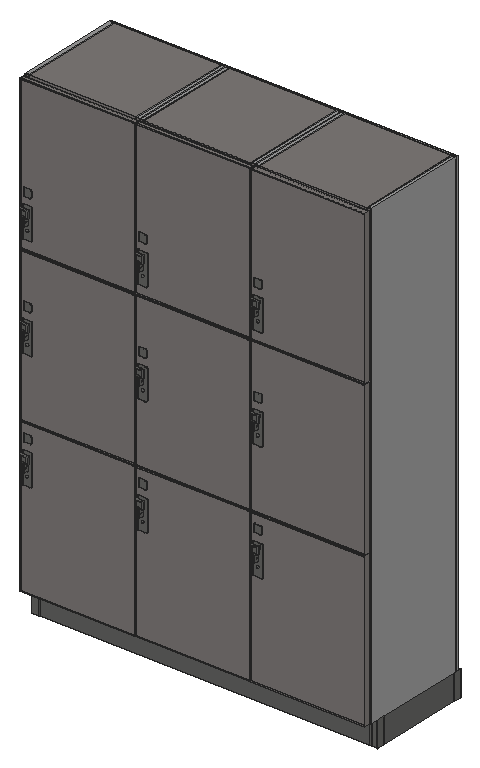
Revit family "Wood_Lockers_Hasps-Salsbury_Industries-18_43000_Series-3_Wide_Units.rfa", category Specialty Equipment, Revit 2016 (continued)
Definition of nested family "Premier Locker Doors_Hasp"
  Forms (in)
    Blend 17, solid
      top sketch origin (-1.875, -1.125, 0) x (0, 0, -1) y (-1, 0, 0)
        loop
          line (-37.93279, 6.30777) -> (-37.93279, 5.56715) -> (-37.19211, 5.56715) -> (-37.19211, 6.30777) -> (-37.93279, 6.30777)
      from 0 to 0.031
    Extrusion 18, solid
      sketch origin (-7.8125, 0, 0) x (0, 0, -1) y (0, -1, 0)
        loop
          line (-35.6844, 1) -> (-36.6844, 1) -> (-36.6844, -0.375) -> (-35.6844, -0.375) -> (-35.6844, 1)
      from -0.063 to 0.063
    Extrusion 19, void
      sketch origin (-7.8125, 35.51803, 36.85077) x (0, 1, 0) y (0, 0, -1)
        loop
          circle (-36.1844, 0.66637) r 0.25
      from -0.063 to 0.063
  Cuts and joins
    Extrusion 5, Extrusion 13 cuts Extrusion 1
    Extrusion 5, Extrusion 11 cuts Extrusion 3
    Extrusion 13 cuts Extrusion 12
    Extrusion 13 cuts Extrusion 2
    Extrusion 19 cuts Extrusion 18
  Lines and regions (in)
    symbolic lines
      curve 1: line (-8.9375, 0.375, 0) -> (8.9375, 0.375, 0)
      curve 2: line (8.9375, 0.375, 0) -> (8.9375, 0.375, 71.75)
      curve 3: line (8.9375, 0.375, 71.75) -> (-8.9375, 0.375, 71.75)
      curve 4: line (-8.9375, 0.375, 71.75) -> (-8.9375, 0.375, 0)
      curve 5: line (-8.9375, 0.375, 71.625) -> (8.9375, 0.375, 71.625)
      curve 6: line (-8.9375, -0.375, 71.625) -> (-8.9375, 0.375, 71.625)
      curve 7: line (8.9375, -0.375, 71.625) -> (-8.9375, -0.375, 71.625)
      curve 8: line (8.9375, 0.375, 71.625) -> (8.9375, -0.375, 71.625)
      curve 9: line (8.3125, 0.375, 71.625) -> (8.3125, 0.625, 71.625)
      curve 10: line (8.3125, 0.625, 71.625) -> (7.8125, 0.625, 71.625)
      curve 11: line (7.8125, 0.625, 71.625) -> (7.8125, 0.375, 71.625)
      curve 12: line (-8.73713, 0.375, 71.625) -> (-8.73713, 0.625, 71.625)
      curve 13: line (-8.2375, 0.375, 71.625) -> (-8.2375, 0.625, 71.625)
      curve 14: line (-8.2375, 0.625, 71.625) -> (-8.73713, 0.625, 71.625)
      curve 15: line (-7.8125, -0.375, 71.75) -> (-7.8125, 0.375, 71.75)
      curve 16: line (-7.8125, -0.375, 0) -> (-7.8125, -0.375, 71.75)
      curve 17: line (-7.8125, 0.375, 0) -> (-7.8125, -0.375, 0)
      curve 18: line (-7.8125, 0.375, 71.75) -> (-7.8125, 0.375, 0)
      curve 19: line (-7.8125, 0.375, 69) -> (-7.8125, 0.625, 69)
      curve 20: line (-7.8125, 0.625, 69) -> (-7.8125, 0.625, 68.5)
      curve 21: line (-7.8125, 0.625, 68.5) -> (-7.8125, 0.375, 68.5)
      curve 22: line (-7.8125, 0.375, 3.25) -> (-7.8125, 0.625, 3.25)
      curve 23: line (-7.8125, 0.625, 3.25) -> (-7.8125, 0.625, 2.75)
      curve 24: line (-7.8125, 0.625, 2.75) -> (-7.8125, 0.375, 2.75)
      curve 25: line (-7.8125, 0.375, 36.125) -> (-7.8125, 0.625, 36.125)
      curve 26: line (-7.8125, 0.625, 36.125) -> (-7.8125, 0.625, 35.625)
      curve 27: line (-7.8125, 0.625, 35.625) -> (-7.8125, 0.375, 35.625)
      curve 28: line (-8.5625, -0.375, 71.625) -> (-7.0625, -0.375, 71.625)
      curve 29: line (-8.4375, -1.125, 38.3125) -> (-7.1875, -1.125, 38.3125)
      curve 30: arc (-7.0625, -1.125, 38.1875) -> (-7.09911, -1.125, 38.27589) -> (-7.1875, -1.125, 38.3125) r 0.125
      curve 31: arc (-8.4375, -1.125, 38.3125) -> (-8.52589, -1.125, 38.27589) -> (-8.5625, -1.125, 38.1875) r 0.125
      curve 32: line (-8.5625, -1.125, 33.5625) -> (-8.5625, -1.125, 38.1875)
      curve 33: line (-7.0625, -1.125, 38.1875) -> (-7.0625, -1.125, 33.5625)
      curve 34: arc (-7.1875, -1.125, 33.4375) -> (-7.09911, -1.125, 33.47411) -> (-7.0625, -1.125, 33.5625) r 0.125
      curve 35: arc (-8.5625, -1.125, 33.5625) -> (-8.52589, -1.125, 33.47411) -> (-8.4375, -1.125, 33.4375) r 0.125
      curve 36: line (-7.1875, -1.125, 33.4375) -> (-8.4375, -1.125, 33.4375)
      curve 37: arc (-7.6245, -1.125, 36.6245) -> (-7.8125, -1.125, 36.8125) -> (-8.0005, -1.125, 36.6245) r 0.188
      curve 38: arc (-8.0005, -1.125, 35.7505) -> (-7.8125, -1.125, 35.5625) -> (-7.6245, -1.125, 35.7505) r 0.188
      curve 39: line (-7.6245, -1.125, 36.6245) -> (-7.6245, -1.125, 35.7505)
      curve 40: line (-8.0005, -1.125, 35.7505) -> (-8.0005, -1.125, 36.6245)
      curve 41: line (-7.1875, -1.125, 36.9375) -> (-8.4375, -1.125, 36.9375)
      curve 42: line (-7.1875, -1.125, 38.1875) -> (-7.1875, -1.125, 36.9375)
      curve 43: line (-8.4375, -1.125, 36.9375) -> (-8.4375, -1.125, 38.1875)
      curve 44: line (-8.4375, -1.125, 38.1875) -> (-7.1875, -1.125, 38.1875)
      curve 45: line (-7.8755, -1.125, 36.6844) -> (-7.7495, -1.125, 36.6844)
      curve 46: line (-7.7495, -1.125, 36.6844) -> (-7.7495, -1.125, 35.6844)
      curve 47: line (-7.8755, -1.125, 35.6844) -> (-7.8755, -1.125, 36.6844)
      curve 48: line (-7.7495, -1.125, 35.6844) -> (-7.8755, -1.125, 35.6844)
      curve 49: line (-7.8125, -1, 36.6844) -> (-7.8125, -0.375, 36.6844)
      curve 50: line (-7.8125, -1, 35.6844) -> (-7.8125, -1, 36.6844)
      curve 51: line (-7.8125, -0.375, 35.6844) -> (-7.8125, -1, 35.6844)
      curve 52: arc (-7.8125, -0.91637, 36.1844) -> (-7.8125, -0.66637, 36.4344) -> (-7.8125, -0.41637, 36.1844) r 0.25
      curve 53: arc (-7.8125, -0.41637, 36.1844) -> (-7.8125, -0.66637, 35.9344) -> (-7.8125, -0.91637, 36.1844) r 0.25
      curve 54: line (-7.8125, -0.375, 37.31817) -> (-7.8125, -0.61642, 37.31817)
      curve 55: arc (-7.8125, -0.77297, 37.19215) -> (-7.8125, -0.71691, 37.28275) -> (-7.8125, -0.61642, 37.31817) r 0.16024
      curve 56: arc (-7.8125, -0.97289, 36.9375) -> (-7.8125, -0.84441, 37.04244) -> (-7.8125, -0.77297, 37.19215) r 0.37946
      curve 57: spline (-7.8125, -1.121, 37.15954) -> (-7.8125, -1.11621, 37.12873) -> (-7.8125, -1.10963, 37.09911) -> (-7.8125, -1.10135, 37.07107) -> (-7.8125, -1.09147, 37.04495) -> (-7.8125, -1.0801, 37.02108) -> (-7.8125, -1.0674, 36.99975) -> (-7.8125, -1.05352, 36.98123) -> (-7.8125, -1.03864, 36.96575) -> (-7.8125, -1.02293, 36.95351) -> (-7.8125, -1.0066, 36.94465) -> (-7.8125, -0.98985, 36.93929) -> (-7.8125, -0.97289, 36.9375)
      curve 58: line (-7.8125, -1.125, 37.15954) -> (-7.8125, -1.125, 37.96546)
      curve 59: spline (-7.8125, -1.121, 37.96546) -> (-7.8125, -1.11621, 37.99627) -> (-7.8125, -1.10963, 38.02589) -> (-7.8125, -1.10135, 38.05393) -> (-7.8125, -1.09147, 38.08005) -> (-7.8125, -1.0801, 38.10392) -> (-7.8125, -1.0674, 38.12525) -> (-7.8125, -1.05352, 38.14377) -> (-7.8125, -1.03864, 38.15925) -> (-7.8125, -1.02293, 38.17149) -> (-7.8125, -1.0066, 38.18035) -> (-7.8125, -0.98985, 38.18571) -> (-7.8125, -0.97289, 38.1875)
      curve 60: arc (-7.8125, -0.97289, 38.1875) -> (-7.8125, -0.84441, 38.08256) -> (-7.8125, -0.77297, 37.93285) r 0.37946
      curve 61: arc (-7.8125, -0.77297, 37.93285) -> (-7.8125, -0.71691, 37.84225) -> (-7.8125, -0.61642, 37.80683) r 0.16024
      curve 62: line (-7.8125, -0.61642, 37.80683) -> (-7.8125, -0.375, 37.80683)
      curve 63: line (-8.05683, -0.61642, 71.625) -> (-8.05683, -0.375, 71.625)
      curve 64: arc (-8.18285, -0.77297, 71.625) -> (-8.09225, -0.71691, 71.625) -> (-8.05683, -0.61642, 71.625) r 0.16024
      curve 65: arc (-8.4375, -0.97289, 71.625) -> (-8.33256, -0.84441, 71.625) -> (-8.18285, -0.77297, 71.625) r 0.37946
      curve 66: line (-7.40954, -1.125, 71.625) -> (-8.21546, -1.125, 71.625)
      curve 67: spline (-7.40954, -1.121, 71.625) -> (-7.37873, -1.11621, 71.625) -> (-7.34911, -1.10963, 71.625) -> (-7.32107, -1.10135, 71.625) -> (-7.29495, -1.09147, 71.625) -> (-7.27108, -1.0801, 71.625) -> (-7.24975, -1.0674, 71.625) -> (-7.23123, -1.05352, 71.625) -> (-7.21575, -1.03864, 71.625) -> (-7.20351, -1.02293, 71.625) -> (-7.19465, -1.0066, 71.625) -> (-7.18929, -0.98985, 71.625) -> (-7.1875, -0.97289, 71.625)
      curve 68: arc (-7.1875, -0.97289, 71.625) -> (-7.29244, -0.84441, 71.625) -> (-7.44215, -0.77297, 71.625) r 0.37946
      curve 69: arc (-7.44215, -0.77297, 71.625) -> (-7.53275, -0.71691, 71.625) -> (-7.56817, -0.61642, 71.625) r 0.16024
      curve 70: line (-7.56817, -0.375, 71.625) -> (-7.56817, -0.61642, 71.625)
      curve 71: spline (-8.21546, -1.121, 71.625) -> (-8.24627, -1.11621, 71.625) -> (-8.27589, -1.10963, 71.625) -> (-8.30393, -1.10135, 71.625) -> (-8.33005, -1.09147, 71.625) -> (-8.35392, -1.0801, 71.625) -> (-8.37525, -1.0674, 71.625) -> (-8.39377, -1.05352, 71.625) -> (-8.40925, -1.03864, 71.625) -> (-8.42149, -1.02293, 71.625) -> (-8.43035, -1.0066, 71.625) -> (-8.43571, -0.98985, 71.625) -> (-8.4375, -0.97289, 71.625)
    reference lines
      curve 72: line (-8.9375, 0, 71.75) -> (8.3435, 0, 71.75)
      curve 73: line (8.3435, 0, 71.75) -> (-8.9375, 0, 71.75)
  Dimensions and locks (in)
    equal spacing: plane 4 "Left Side of Door", plane 3 "Center (Left/Right)", plane 5 "Right Side of Door"
    "Width": plane 4 "Left Side of Door" to plane 5 "Right Side of Door"
    equal spacing: plane 7 "Front of Door", plane 1 "Center (Front/Back)", plane 6 "Back of Door"
    "Depth": plane 7 "Front of Door" to plane 6 "Back of Door"
    equal spacing: plane 9 "Top of Door", plane 10 "Center of Door", plane 8 "Bottom of Door"
    "Height": plane 9 "Top of Door" to plane 8 "Bottom of Door"
    equal spacing: plane 11 "Top of Number Tag", plane 16 "Center of Number Tag", plane 12 "Bottom of Number Tag"
    "Number Tag Height": plane 11 "Top of Number Tag" to plane 12 "Bottom of Number Tag"
    equal spacing: plane 14 "Right Side of Number Tag", plane 15 "Horizontal Center of Number Tag", plane 13 "Left Side of Number Tag"
    "Number Tag Width": plane 14 "Right Side of Number Tag" to plane 13 "Left Side of Number Tag"
    "Number Tag-Horizontal Offset": plane 15 "Horizontal Center of Number Tag" to plane 5 "Right Side of Door"
    "Number Tag-Vertical Offset": plane 9 "Top of Door" to plane 16 "Center of Number Tag"
    "Lock Horizontal Offset": plane 4 "Left Side of Door" to plane 17 "Left Side of Lock"
    equal spacing: plane 20 "Top of Lock", plane 19 "Lock Vertical Center", plane 21 "Bottom of Lock"
    "Lock Height": plane 20 "Top of Lock" to plane 21 "Bottom of Lock"
    "Lock Vertical Offset": plane 9 "Top of Door" to plane 19 "Lock Vertical Center"
    plane 22 "Front of Hasp Stud" to plane 7 "Front of Door" = 0.125"
    locked: plane 24 "Right Side of Door-Left Side of Trim" to plane 5 "Right Side of Door" at 0.125
    locked: plane 4 "Left Side of Door" to plane 23 "Left Side of Door-Right Side of Trim" at 0.125
    locked: plane 9 "Top of Door" to plane 25 "Top of Door-Bottom of Trim" at 0.125
    plane 26 "Bottom of Door-Top of Trim" to plane 8 "Bottom of Door" = 0.125"
    plane 28 "Melamine-Particleboard Line" to plane 6 "Back of Door" = 0.031"
    plane 7 "Front of Door" to plane 27 "Laminate-Particleboard Line" = 0.031"
    plane 27 "Laminate-Particleboard Line" to plane 29 "Back of Number Plate Inset" = 0.031"
    equal spacing: plane 18 "Right Side of Lock", plane 30 "Center of Lock", plane 17 "Left Side of Lock", locked at 0.75 each
    "Lock Width": plane 18 "Right Side of Lock" to plane 17 "Left Side of Lock"
    plane 22 "Front of Hasp Stud" to plane 31 = 0.312"
    plane 6 "Back of Door" to plane 32 "Door Stopper Plane" = 0.250"
    locked: plane 23 "Left Side of Door-Right Side of Trim" to plane 33 at 0.325
    locked: plane 25 "Top of Door-Bottom of Trim" to plane 34 at 0.325
    locked: plane 9 "Top of Door" to plane 35 "Top Hinge" at 3
    plane 36 to plane 5 "Right Side of Door" = 0.625"
    plane 6 "Back of Door" to plane 28 "Melamine-Particleboard Line" = 0.031"
    plane 9 "Top of Door" to plane 25 "Top of Door-Bottom of Trim" = 0.125"
    plane 7 "Front of Door" to plane 38 "Inner Knob" = 0.719"
    locked: plane 38 "Inner Knob" to plane 39 "Front of Knob" at 0.031
    locked: plane 40 to plane 20 "Top of Lock" at 1.125
    locked: plane 21 "Bottom of Lock" to plane 41 at 1.125
    locked: plane 20 "Top of Lock" to plane 42 at 0.125
    locked: plane 18 "Right Side of Lock" to plane 43 at 0.125
    locked: plane 44 to plane 17 "Left Side of Lock" at 0.125
    plane 42 to plane 45 = 1.250"
    locked: plane 45 to plane 46 "Top of Hole" at 0.125
    plane 48 to plane 30 "Center of Lock" to plane 47 = 0.188" locked, 0.188" locked
    locked: plane 46 "Top of Hole" to plane 49 "Bottom of Hole" at 1.25
    plane 49 "Bottom of Hole" to plane 50 "Stud Alignment" = 0.750"
    locked: plane 42 to plane 51 "Center of Handle" at 0.625
    plane 52 to plane 51 "Center of Handle" to plane 53 = 0.188" locked, 0.188" locked
    plane 7 "Front of Door" to plane 39 "Front of Knob" = 0.750"
    locked: plane 42 to plane 54 at 0.22204
    locked: plane 55 to plane 45 at 0.22204
    locked: plane 7 "Front of Door" to plane 56 "Front of Latch" at 0.625
    locked: plane 57 to plane 58 at 1
    locked: plane 46 "Top of Hole" to plane 57 at 0.1281
    equal spacing: plane 58, plane 59, plane 57
    locked: plane 60 to plane 5 "Right Side of Door" at 0.594
    locked: plane 57 to plane 61 at 0.0599
    locked: plane 62 to plane 58 at 0.06376
    plane 12 "Bottom of Number Tag" to plane 20 "Top of Lock" = 1.1875"
    aligned and locked: level to plane 2
    aligned and locked: Extrusion 5 to plane 11 "Top of Number Tag"
    aligned and locked: plane 12 "Bottom of Number Tag" to Extrusion 5
    aligned and locked: Extrusion 5 to plane 14 "Right Side of Number Tag"
    aligned and locked: Extrusion 5 to plane 13 "Left Side of Number Tag"
    aligned and locked: plane 29 "Back of Number Plate Inset" to Extrusion 5
    aligned and locked: plane 7 "Front of Door" to Extrusion 5
    aligned and locked: plane 29 "Back of Number Plate Inset" to Extrusion 6
    aligned and locked: plane 7 "Front of Door" to Extrusion 6
    aligned and locked: Extrusion 6 to plane 14 "Right Side of Number Tag"
    aligned and locked: Extrusion 6 to plane 13 "Left Side of Number Tag"
    aligned and locked: Extrusion 6 to plane 11 "Top of Number Tag"
    aligned and locked: plane 12 "Bottom of Number Tag" to Extrusion 6
    aligned and locked: curve 9 to Extrusion 8
    aligned and locked: curve 10 to Extrusion 8
    aligned and locked: curve 11 to Extrusion 8
    aligned and locked: Extrusion 7 to curve 12
    aligned and locked: curve 14 to Extrusion 7
    aligned and locked: curve 16 to plane 7 "Front of Door"
    aligned and locked: curve 19 to Extrusion 8  (x2)
    aligned and locked: curve 21 to Extrusion 8
    aligned and locked: curve 18 to curve 22
    aligned and locked: curve 22 to Extrusion 9  (x2)
    aligned and locked: curve 24 to Extrusion 9
    aligned and locked: curve 25 to Extrusion 10
    aligned and locked: curve 26 to Extrusion 10
    aligned and locked: curve 27 to Extrusion 10
    aligned and locked: plane 20 "Top of Lock" to Extrusion 11 sketch curve
    aligned and locked: Extrusion 11 sketch curve to plane 21 "Bottom of Lock"
    aligned and locked: Extrusion 11 to plane 29 "Back of Number Plate Inset"
    aligned and locked: plane 7 "Front of Door" to Extrusion 11
    aligned and locked: Extrusion 3 to Extrusion 11
    aligned and locked: Sweep 14 to plane 50 "Stud Alignment"  (x2)
    aligned and locked: Extrusion 15 to plane 7 "Front of Door"
    aligned and locked: Extrusion 15 to plane 22 "Front of Hasp Stud"
    aligned and locked: Extrusion 15 to plane 50 "Stud Alignment"
    aligned and locked: Blend 17 to plane 39 "Front of Knob"
    aligned and locked: plane 38 "Inner Knob" to Blend 17
    aligned and locked: plane 6 "Back of Door" to Extrusion 18 sketch curve
    aligned and locked: plane 56 "Front of Latch" to Extrusion 18 sketch curve
    aligned and locked: Extrusion 18 to plane 57
    aligned and locked: plane 58 to Extrusion 18
    aligned and locked: plane 59 to cut or joined group of Extrusion 18, Extrusion 19
    aligned and locked: Extrusion 13 sketch curve to plane 61  (x2)
    aligned and locked: Extrusion 13 sketch curve to plane 62  (x2)
  Automatic sketch dimensions
    Extrusion 1 sketch curve to plane 4 "Left Side of Door" = 0.031"
    plane 5 "Right Side of Door" to Extrusion 1 sketch curve = 0.031"
    level to Extrusion 1 sketch curve = 0.031"
    plane 9 "Top of Door" to Extrusion 1 sketch curve = 0.031"
    Extrusion 2 sketch curve to plane 4 "Left Side of Door" = 0.031"
    plane 5 "Right Side of Door" to Extrusion 2 sketch curve = 0.031"
    level to Extrusion 2 sketch curve = 0.031"
    plane 9 "Top of Door" to Extrusion 2 sketch curve = 0.031"
    Extrusion 3 sketch curve to plane 4 "Left Side of Door" = 0.031"
    plane 5 "Right Side of Door" to Extrusion 3 sketch curve = 0.031"
    level to Extrusion 3 sketch curve = 0.031"
    plane 9 "Top of Door" to Extrusion 3 sketch curve = 0.031"
    plane 23 "Left Side of Door-Right Side of Trim" to Sweep 4 sketch curve = 0.000"
    plane 24 "Right Side of Door-Left Side of Trim" to Sweep 4 sketch curve = 0.000"  (x2)
    Sweep 4 sketch curve to plane 26 "Bottom of Door-Top of Trim" = 0.000"
    Sweep 4 sketch curve to plane 25 "Top of Door-Bottom of Trim" = 0.000"
    profile plane to Sweep 4 sketch curve = 0.125"
    Sweep 4 sketch curve to Sweep 4 sketch curve = 0.031"
    Sweep 4 sketch curve to plane 1 "Center (Front/Back)" = 0.375"
    plane 1 "Center (Front/Back)" to Sweep 4 sketch curve = 0.375"
    Extrusion 7 sketch curve to plane 33 = 0.000"
    Extrusion 7 sketch curve to plane 34 = 0.000"
    plane 36 to Extrusion 8 sketch curve = 0.000"
    Extrusion 8 sketch curve to Extrusion 8 sketch curve = 0.500"
    plane 35 "Top Hinge" to Extrusion 8 sketch curve = 0.250"
    Extrusion 8 sketch curve to plane 35 "Top Hinge" = 0.250"
    plane 36 to Extrusion 9 sketch curve = 0.000"
    Extrusion 9 sketch curve to Extrusion 9 sketch curve = 0.500"
    plane 37 "Bottom Hinge" to Extrusion 9 sketch curve = 0.250"
    Extrusion 9 sketch curve to plane 37 "Bottom Hinge" = 0.250"
    plane 36 to Extrusion 10 sketch curve = 0.000"
    Extrusion 10 sketch curve to Extrusion 10 sketch curve = 0.500"
    curve 4 to level = 0.000"
    plane 4 "Left Side of Door" to curve 4 = 0.000"
    plane 5 "Right Side of Door" to curve 3 = 0.000"
    curve 3 to plane 9 "Top of Door" = 0.000"
    Extrusion 5 sketch curve to plane 13 "Left Side of Number Tag" = 0.000"
    Extrusion 5 sketch curve to plane 12 "Bottom of Number Tag" = 0.000"
    Extrusion 5 sketch curve to plane 11 "Top of Number Tag" = 0.000"
    Extrusion 5 sketch curve to plane 14 "Right Side of Number Tag" = 0.000"
    Extrusion 6 sketch curve to plane 13 "Left Side of Number Tag" = 0.000"
    Extrusion 6 sketch curve to plane 12 "Bottom of Number Tag" = 0.000"
    Extrusion 6 sketch curve to plane 11 "Top of Number Tag" = 0.000"
    Extrusion 6 sketch curve to plane 14 "Right Side of Number Tag" = 0.000"
    Extrusion 11 sketch curve to plane 13 "Left Side of Number Tag" = 0.125"
    Extrusion 10 sketch curve to plane 10 "Center of Door" = 0.250"
    plane 10 "Center of Door" to Extrusion 10 sketch curve = 0.250"
    Extrusion 11 sketch curve to plane 21 "Bottom of Lock" = 0.125"
    plane 13 "Left Side of Number Tag" to Extrusion 5 sketch curve = 0.14916"
    Extrusion 5 sketch curve to Extrusion 5 sketch curve = 0.14916"  (x2)
    plane 13 "Left Side of Number Tag" to Extrusion 6 sketch curve = 0.14916"
    Extrusion 6 sketch curve to plane 12 "Bottom of Number Tag" = 0.14916"
    plane 13 "Left Side of Number Tag" to Extrusion 11 sketch curve = 0.000"  (x2)
    Extrusion 5 sketch curve to plane 12 "Bottom of Number Tag" = 0.14916"
    Extrusion 6 sketch curve to plane 14 "Right Side of Number Tag" = 0.14916"  (x2)
    plane 14 "Right Side of Number Tag" to Extrusion 11 sketch curve = 0.000"  (x2)
    Extrusion 12 sketch curve to plane 17 "Left Side of Lock" = 0.000"
    plane 13 "Left Side of Number Tag" to Extrusion 12 sketch curve = 0.000"  (x2)
    plane 14 "Right Side of Number Tag" to Extrusion 12 sketch curve = 0.000"  (x2)
    Extrusion 12 sketch curve to plane 20 "Top of Lock" = 0.000"
    Extrusion 12 sketch curve to plane 18 "Right Side of Lock" = 0.000"
    Extrusion 12 sketch curve to plane 21 "Bottom of Lock" = 0.125"
    plane 15 "Horizontal Center of Number Tag" to Sweep 14 sketch curve = 0.000"
    Sweep 14 sketch curve to plane 50 "Stud Alignment" = 0.000"
    Sweep 14 sketch curve to plane 7 "Front of Door" = 0.000"
    Sweep 14 sketch curve to profile plane = 0.000"
    profile plane to Sweep 14 sketch curve = 0.00168"
    profile plane to Sweep 14 sketch curve = 0.156"
    Sweep 14 sketch curve to plane 7 "Front of Door" = 0.03275"
    Extrusion 15 sketch curve to Extrusion 15 sketch curve = 0.000"  (x2)
    Extrusion 15 sketch curve to plane 50 "Stud Alignment" = 0.000"
    plane 15 "Horizontal Center of Number Tag" to Extrusion 15 sketch curve = 0.000"
    plane 15 "Horizontal Center of Number Tag" to Extrusion 15 sketch curve = 0.010"
    plane 13 "Left Side of Number Tag" to Sweep 16 sketch curve = 0.000"
    plane 14 "Right Side of Number Tag" to Sweep 16 sketch curve = 0.000"
    Sweep 16 sketch curve to plane 45 = 0.000"
    Sweep 16 sketch curve to plane 42 = 0.000"
    Sweep 16 sketch curve to plane 7 "Front of Door" = 0.000"
    profile plane to Sweep 16 sketch curve = 0.000"
    profile plane to Sweep 16 sketch curve = 0.22043"
    Sweep 16 sketch curve to Sweep 16 sketch curve = 0.01681"
    profile plane to Sweep 16 sketch curve = 0.33926"
    Sweep 16 sketch curve to Sweep 16 sketch curve = 0.14344"
    Sweep 16 sketch curve to Sweep 16 sketch curve = 0.15329"
    Sweep 16 sketch curve to Sweep 16 sketch curve = 0.59563"
    Sweep 16 sketch curve to Sweep 16 sketch curve = 0.24142"
    Sweep 16 sketch curve to Sweep 16 sketch curve = 0.00858"
    Sweep 16 sketch curve to Sweep 16 sketch curve = 0.51788"
    Sweep 16 sketch curve to Sweep 16 sketch curve = 0.31119"
    Sweep 16 sketch curve to Sweep 16 sketch curve = 0.11721"
    Sweep 16 sketch curve to Sweep 16 sketch curve = 0.01742"
    Sweep 16 sketch curve to Sweep 16 sketch curve = 0.06553"
    Sweep 16 sketch curve to Sweep 16 sketch curve = 0.000"
    Blend 17 sketch curve to plane 54 = 0.000"
    Blend 17 sketch curve to plane 55 = 0.000"
    Blend 17 sketch curve to plane 47 = 0.21496"
    plane 48 to Blend 17 sketch curve = 0.21496"
    plane 54 to Blend 17 sketch curve = 0.03267"
    Blend 17 sketch curve to plane 40 = 0.00461"
    Blend 17 sketch curve to plane 47 = 0.18235"
    plane 48 to Blend 17 sketch curve = 0.18227"
    Extrusion 18 sketch curve to plane 57 = 0.000"
    Extrusion 18 sketch curve to plane 58 = 0.000"
    plane 59 to Extrusion 19 sketch curve = 0.000"
    Extrusion 19 sketch curve to plane 22 "Front of Hasp Stud" = 0.16637"
    curve 29 to plane 14 "Right Side of Number Tag" = 0.000"
    curve 29 to plane 20 "Top of Lock" = 0.000"
    curve 30 to plane 18 "Right Side of Lock" = 0.000"
    curve 29 to plane 13 "Left Side of Number Tag" = 0.000"
    curve 31 to plane 42 = 0.000"
    curve 32 to plane 21 "Bottom of Lock" = 0.125"
    curve 34 to plane 14 "Right Side of Number Tag" = 0.000"
    curve 35 to plane 13 "Left Side of Number Tag" = 0.000"
    plane 15 "Horizontal Center of Number Tag" to curve 37 = 0.000"
    plane 47 to curve 37 = 0.000"
    plane 57 to curve 37 = 0.0599"
    curve 39 to plane 58 = 0.0661"
    curve 42 to plane 14 "Right Side of Number Tag" = 0.000"
    curve 41 to plane 13 "Left Side of Number Tag" = 0.000"
    curve 41 to plane 45 = 0.000"
    curve 43 to plane 42 = 0.000"
    curve 46 to plane 57 = 0.000"
    curve 46 to plane 15 "Horizontal Center of Number Tag" = 0.063"
    plane 15 "Horizontal Center of Number Tag" to curve 45 = 0.063"
    curve 47 to plane 58 = 0.000"
    curve 15 to plane 6 "Back of Door" = 0.000"
    plane 9 "Top of Door" to curve 15 = 0.000"
    plane 57 to curve 49 = 0.000"
    curve 51 to plane 56 "Front of Latch" = 0.000"
    plane 58 to curve 51 = 0.000"
    curve 17 to level = 0.000"
    plane 59 to curve 52 = 0.000"
    curve 53 to plane 22 "Front of Hasp Stud" = 0.16637"
    plane 7 "Front of Door" to curve 53 = 0.04137"
    plane 53 to curve 54 = 0.05633"
    curve 54 to plane 22 "Front of Hasp Stud" = 0.11642"
    plane 55 to curve 55 = 0.00161"
    curve 55 to plane 40 = 0.00465"
    plane 45 to curve 56 = 0.000"
    curve 56 to plane 39 "Front of Knob" = 0.01788"
    curve 56 to plane 40 = 0.08926"
    plane 55 to curve 57 = 0.000"
    curve 57 to plane 40 = 0.03757"
    plane 39 "Front of Knob" to curve 57 = 0.004"
    plane 42 to curve 60 = 0.000"
    curve 58 to plane 39 "Front of Knob" = 0.000"
    plane 54 to curve 58 = 0.000"
    plane 54 to curve 59 = 0.000"
    plane 55 to curve 58 = 0.000"
    curve 60 to plane 39 "Front of Knob" = 0.01788"
    curve 60 to plane 52 = 0.09774"
    plane 54 to curve 60 = 0.03261"
    plane 56 "Front of Latch" to curve 59 = 0.02711"
    plane 54 to curve 59 = 0.06553"
    plane 39 "Front of Knob" to curve 59 = 0.004"
    curve 61 to plane 54 = 0.00161"
    curve 61 to plane 22 "Front of Hasp Stud" = 0.11642"
    plane 6 "Back of Door" to curve 9 = 0.000"
    curve 6 to plane 4 "Left Side of Door" = 0.000"
    plane 7 "Front of Door" to curve 6 = 0.000"
    plane 7 "Front of Door" to curve 28 = 0.000"
    curve 67 to plane 14 "Right Side of Number Tag" = 0.000"
    curve 65 to plane 13 "Left Side of Number Tag" = 0.000"
    curve 66 to plane 39 "Front of Knob" = 0.000"
    curve 28 to plane 17 "Left Side of Lock" = 0.000"
    curve 28 to plane 18 "Right Side of Lock" = 0.000"
    curve 8 to plane 5 "Right Side of Door" = 0.000"
    curve 64 to plane 22 "Front of Hasp Stud" = 0.11642"
    curve 69 to plane 22 "Front of Hasp Stud" = 0.11642"
    curve 68 to plane 39 "Front of Knob" = 0.01788"
    curve 65 to plane 39 "Front of Knob" = 0.01788"
    curve 14 to plane 23 "Left Side of Door-Right Side of Trim" = 0.07537"
    plane 48 to curve 64 = 0.21657"
    plane 48 to curve 65 = 0.09774"
    plane 48 to curve 63 = 0.05633"
    curve 70 to plane 47 = 0.05633"
    curve 68 to plane 47 = 0.09774"
    curve 69 to curve 69 = 0.16024"
    curve 64 to curve 65 = 0.15655"
    curve 69 to curve 68 = 0.15655"
    plane 39 "Front of Knob" to curve 67 = 0.004"
    plane 33 to curve 14 = 0.250"
    curve 66 to curve 65 = 0.11721"
    curve 67 to plane 47 = 0.14943"
    curve 68 to curve 66 = 0.11721"
    curve 67 to curve 66 = 0.000"
    plane 39 "Front of Knob" to curve 71 = 0.004"
    curve 71 to curve 66 = 0.000"
    plane 48 to curve 71 = 0.14943"
    plane 1 "Center (Front/Back)" to curve 73 = 0.000"
    curve 73 to plane 4 "Left Side of Door" = 0.000"
    curve 73 to plane 60 = 0.000"
    plane 48 to Extrusion 13 sketch curve = 0.000"
    plane 15 "Horizontal Center of Number Tag" to Extrusion 13 sketch curve = 0.000"
    radius of Extrusion 7 sketch curve = 0.250"
    radius of Sweep 14 sketch curve = 0.010"
    radius of Extrusion 19 sketch curve = 0.250"
Definition of nested family "Wood Locker Bases"
  Parameters (values of type "Base - 18" W x 18" D Lockers")
    Width = 18.000"
    Visible Base = yes
    Visible = no
    Model = "Base - 18\" W x 18\" D Lockers"
    Manufacturer = "Salsbury Industries"
    Height = 4.000"
    Depth = 16.250"
    Base Secondary Material = none
    Base Primary Materials = none
    Base Hardware = none
  Types (8): name | Width | Visible Base | Visible | Model | Depth
    (no name) | 18.000" | yes | no | "Base - 18\" W x 18\" D Lockers" | 16.250"
    Base - 18" W x 18" D Lockers | 18.000" | yes | no | "Base - 18\" W x 18\" D Lockers" | 16.250"
    Base - 18" W x 21" D Lockers | 18.000" | yes | no | "Base - 18\" W x 21\" D Lockers" | 19.250"
    Base - 18" W x 24" D Lockers | 18.000" | yes | no | "Base - 18\" W x 24\" D Lockers" | 22.250"
    Base - 54" W x 18" D Lockers | 54.000" | yes | yes | "Base - 54\" W x 18\" D Lockers" | 16.250"
    Base - 54" W x 21" D Lockers | 54.000" | yes | yes | "Base - 54\" W x 21\" D Lockers" | 19.250"
    Base - 54" W x 24" D Lockers | 54.000" | yes | yes | "Base - 54\" W x 24\" D Lockers" | 22.250"
    None | 12.000" | no | no | "Base - 12\" W x 15\" D Lockers" | 13.250"
  Reference planes (in)
    plane 1 "Center (Front/Back)": y = 0
    plane 2: z = 0
    plane 3 "Center (Left/Right)": x = 0
    plane 4 "Left Edge": x = -9
    plane 5 "Right Edge": x = 9
    plane 6 "Back Edge": y = 8.125
    plane 7 "Front Edge": y = -8.125
    plane 8 "Bottom Edge": z = 0
    plane 9 "Top Edge": z = 4
    plane 10: x = -7.75
    plane 11: x = -7.102
    plane 12: y = 8.062
    plane 13: y = 7.3
    plane 14: x = -8.131
    plane 15: x = -8.256
    plane 16: x = -8.937
    plane 17: x = -8.175
    plane 18: y = 6.227
    plane 19: y = 6.875
    plane 20: y = 7.256
    plane 21: y = 7.381
    plane 22: x = -8.931
    plane 23: x = 8.931
    plane 24: y = 8.056
    plane 25: y = -8.056
    plane 26: y = 8.025
    plane 27: y = -8.025
    plane 28: x = -8.9
    plane 29: x = 8.9
    plane 30: x = -2.375
    plane 31: x = 2.375
  Forms (in)
    Extrusion 1, solid, material <- "Base Hardware", visible <- "Visible Base"
      sketch origin (0, 0, 0) x (1, 0, 0) y (0, 1, 0)
        loop
          arc (-8.96712, 8.125) -> (-8.99098, 8.11598) -> (-9, 8.09212) r 0.031
          line (-9, 8.09212) -> (-9, 6.9065)
          arc (-9, 6.9065) -> (-8.9685, 6.875) -> (-8.937, 6.9065) r 0.0315
          line (-8.937, 6.9065) -> (-8.937, 7.256) -> (-8.837, 7.256) -> (-8.837, 7.319) -> (-8.937, 7.319) -> (-8.937, 8.01465) -> (-8.256, 7.33365) -> (-8.256, 7.256) -> (-8.175, 7.256) -> (-8.175, 6.25833)
          arc (-8.175, 6.25833) -> (-8.14367, 6.227) -> (-8.11235, 6.25833) r 0.03133
          line (-8.11235, 6.25833) -> (-8.11235, 7.23703) -> (-7.13348, 7.23703)
          arc (-7.13348, 7.23703) -> (-7.102, 7.26852) -> (-7.13348, 7.3) r 0.03148
          line (-7.13348, 7.3) -> (-8.131, 7.3) -> (-8.131, 7.381) -> (-8.21422, 7.381) -> (-8.89522, 8.062) -> (-8.194, 8.062) -> (-8.194, 7.962) -> (-8.131, 7.962) -> (-8.131, 8.062) -> (-7.7814, 8.062)
          arc (-7.7814, 8.062) -> (-7.7499, 8.0935) -> (-7.7814, 8.125) r 0.0315
          line (-7.7814, 8.125) -> (-8.96712, 8.125)
      from 0 to 4
    Extrusion 2, solid, material <- "Base Hardware", visible <- "Visible Base"
      sketch origin (0, 0, 0) x (-1, 0, 0) y (0, -1, 0)
        loop
          line (-8.96712, -8.125) -> (-7.7814, -8.125)
          arc (-7.7814, -8.125) -> (-7.7499, -8.0935) -> (-7.7814, -8.062) r 0.0315
          line (-7.7814, -8.062) -> (-8.131, -8.062) -> (-8.131, -7.962) -> (-8.194, -7.962) -> (-8.194, -8.062) -> (-8.89522, -8.062) -> (-8.21422, -7.381) -> (-8.131, -7.381) -> (-8.131, -7.3) -> (-7.13348, -7.3)
          arc (-7.13348, -7.3) -> (-7.102, -7.26852) -> (-7.13348, -7.23703) r 0.03148
          line (-7.13348, -7.23703) -> (-8.11235, -7.23703) -> (-8.11235, -6.25833)
          arc (-8.11235, -6.25833) -> (-8.14367, -6.227) -> (-8.175, -6.25833) r 0.03133
          line (-8.175, -6.25833) -> (-8.175, -7.256) -> (-8.256, -7.256) -> (-8.256, -7.33365) -> (-8.937, -8.01465) -> (-8.937, -7.319) -> (-8.837, -7.319) -> (-8.837, -7.256) -> (-8.937, -7.256) -> (-8.937, -6.9065)
          arc (-8.937, -6.9065) -> (-8.9685, -6.875) -> (-9, -6.9065) r 0.0315
          line (-9, -6.9065) -> (-9, -8.09212)
          arc (-9, -8.09212) -> (-8.99098, -8.11598) -> (-8.96712, -8.125) r 0.031
      from 0 to 4
    Extrusion 3, solid, material <- "Base Hardware", visible <- "Visible Base"
      sketch origin (0, 0, 0) x (1, 0, 0) y (0, 1, 0)
        loop
          line (-8.96712, -8.125) -> (-7.7814, -8.125)
          arc (-7.7814, -8.125) -> (-7.7499, -8.0935) -> (-7.7814, -8.062) r 0.0315
          line (-7.7814, -8.062) -> (-8.131, -8.062) -> (-8.131, -7.962) -> (-8.194, -7.962) -> (-8.194, -8.062) -> (-8.89522, -8.062) -> (-8.21422, -7.381) -> (-8.131, -7.381) -> (-8.131, -7.3) -> (-7.13348, -7.3)
          arc (-7.13348, -7.3) -> (-7.102, -7.26852) -> (-7.13348, -7.23703) r 0.03148
          line (-7.13348, -7.23703) -> (-8.11235, -7.23703) -> (-8.11235, -6.25833)
          arc (-8.11235, -6.25833) -> (-8.14367, -6.227) -> (-8.175, -6.25833) r 0.03133
          line (-8.175, -6.25833) -> (-8.175, -7.256) -> (-8.256, -7.256) -> (-8.256, -7.33365) -> (-8.937, -8.01465) -> (-8.937, -7.319) -> (-8.837, -7.319) -> (-8.837, -7.256) -> (-8.937, -7.256) -> (-8.937, -6.9065)
          arc (-8.937, -6.9065) -> (-8.9685, -6.875) -> (-9, -6.9065) r 0.0315
          line (-9, -6.9065) -> (-9, -8.09212)
          arc (-9, -8.09212) -> (-8.99098, -8.11598) -> (-8.96712, -8.125) r 0.031
      from 0 to 4
    Extrusion 4, solid, material <- "Base Hardware", visible <- "Visible Base"
      sketch origin (0, 0, 0) x (-1, 0, 0) y (0, -1, 0)
        loop
          arc (-8.96712, 8.125) -> (-8.99098, 8.11598) -> (-9, 8.09212) r 0.031
          line (-9, 8.09212) -> (-9, 6.9065)
          arc (-9, 6.9065) -> (-8.9685, 6.875) -> (-8.937, 6.9065) r 0.0315
          line (-8.937, 6.9065) -> (-8.937, 7.256) -> (-8.837, 7.256) -> (-8.837, 7.319) -> (-8.937, 7.319) -> (-8.937, 8.01465) -> (-8.256, 7.33365) -> (-8.256, 7.256) -> (-8.175, 7.256) -> (-8.175, 6.25833)
          arc (-8.175, 6.25833) -> (-8.14367, 6.227) -> (-8.11235, 6.25833) r 0.03133
          line (-8.11235, 6.25833) -> (-8.11235, 7.23703) -> (-7.13348, 7.23703)
          arc (-7.13348, 7.23703) -> (-7.102, 7.26852) -> (-7.13348, 7.3) r 0.03148
          line (-7.13348, 7.3) -> (-8.131, 7.3) -> (-8.131, 7.381) -> (-8.21422, 7.381) -> (-8.89522, 8.062) -> (-8.194, 8.062) -> (-8.194, 7.962) -> (-8.131, 7.962) -> (-8.131, 8.062) -> (-7.7814, 8.062)
          arc (-7.7814, 8.062) -> (-7.7499, 8.0935) -> (-7.7814, 8.125) r 0.0315
          line (-7.7814, 8.125) -> (-8.96712, 8.125)
      from 0 to 4
    Extrusion 5, solid, material <- "Base Secondary Material", visible <- "Visible Base"
      sketch origin (0, 0, 0) x (0, -1, 0) y (1, 0, 0)
        loop
          line (-7.256, 8.9) -> (-7.256, 8.181) -> (7.25697, 8.181) -> (7.25697, 8.9) -> (-7.256, 8.9)
      from 0 to 4
    Extrusion 6, solid, material <- "Base Secondary Material", visible <- "Visible Base"
      sketch origin (0, 0, 0) x (0, -1, 0) y (1, 0, 0)
        loop
          line (-7.256, -8.9) -> (7.25697, -8.9) -> (7.25697, -8.181) -> (-7.256, -8.181) -> (-7.256, -8.9)
      from 0 to 4
    Extrusion 7, solid, material <- "Base Secondary Material", visible <- "Visible Base"
      sketch origin (-2.05521, 0.625, 0) x (1, 0, 0) y (0, 1, 0)
        loop
          line (-6.07579, 7.4) -> (-6.07579, 6.681) -> (10.18621, 6.681) -> (10.18621, 7.4) -> (-6.07579, 7.4)
      from 0 to 4
    Extrusion 8, solid, material <- "Base Secondary Material", visible <- "Visible Base"
      sketch origin (-2.05521, -0.625, 0) x (1, 0, 0) y (0, 1, 0)
        loop
          line (-6.07579, -7.4) -> (10.18621, -7.4) -> (10.18621, -6.681) -> (-6.07579, -6.681) -> (-6.07579, -7.4)
      from 0 to 4
    Extrusion 9, solid, material <- "Base Primary Materials", visible <- "Visible Base"
      sketch origin (0.76452, 0, 0) x (0, -1, 0) y (1, 0, 0)
        loop
          line (-7.256, 8.16648) -> (-7.256, 8.13548) -> (7.25697, 8.13548) -> (7.25697, 8.16648) -> (-7.256, 8.16648)
      from 0 to 4
    Extrusion 10, solid, material <- "Base Primary Materials", visible <- "Visible Base"
      sketch origin (-0.719, 0, 0) x (0, -1, 0) y (1, 0, 0)
        loop
          line (-7.256, -8.212) -> (7.25697, -8.212) -> (7.25697, -8.181) -> (-7.256, -8.181) -> (-7.256, -8.212)
      from 0 to 4
    Extrusion 11, solid, material <- "Base Primary Materials", visible <- "Visible Base"
      sketch origin (-2.05521, 1.344, 0) x (1, 0, 0) y (0, 1, 0)
        loop
          line (-6.07579, 6.718) -> (-6.07579, 6.681) -> (10.18621, 6.681) -> (10.18621, 6.718) -> (-6.07579, 6.718)
      from 0 to 4
    Extrusion 12, solid, material <- "Base Primary Materials", visible <- "Visible Base"
      sketch origin (-2.05521, -1.344, 0) x (1, 0, 0) y (0, 1, 0)
        loop
          line (-6.07579, -6.712) -> (10.18621, -6.712) -> (10.18621, -6.681) -> (-6.07579, -6.681) -> (-6.07579, -6.712)
      from 0 to 4
    Extrusion 13, solid, material <- "Base Secondary Material", visible <- "Visible"
      sketch origin (0, 0, 4) x (0, -1, 0) y (1, 0, 0)
        loop
          line (-7.306, -2.375) -> (7.306, -2.375) -> (7.306, 2.375) -> (-7.306, 2.375) -> (-7.306, -2.375)
      from 0 to -0.75
    Extrusion 14, solid, material <- "Base Secondary Material", visible <- "Visible"
      sketch origin (0, 0, 0) x (0, -1, 0) y (1, 0, 0)
        loop
          line (-7.306, -2.375) -> (-6.556, -2.375) -> (-6.556, 2.375) -> (-7.306, 2.375) -> (-7.306, -2.375)
      from 0 to 3.25
    Extrusion 15, solid, material <- "Base Secondary Material", visible <- "Visible"
      sketch origin (0, 0, 0) x (0, 1, 0) y (-1, 0, 0)
        loop
          line (-7.306, 2.375) -> (-7.306, -2.375) -> (-6.556, -2.375) -> (-6.556, 2.375) -> (-7.306, 2.375)
      from 0 to 3.25
  Dimensions and locks (in)
    equal spacing: plane 4 "Left Edge", plane 3 "Center (Left/Right)", plane 5 "Right Edge"
    "Width": plane 4 "Left Edge" to plane 5 "Right Edge"
    equal spacing: plane 7 "Front Edge", plane 1 "Center (Front/Back)", plane 6 "Back Edge"
    "Depth": plane 7 "Front Edge" to plane 6 "Back Edge"
    "Height": plane 9 "Top Edge" to plane 8 "Bottom Edge"
    locked: plane 4 "Left Edge" to plane 10 at 1.25
    locked: plane 4 "Left Edge" to plane 11 at 1.898
    locked: plane 12 to plane 6 "Back Edge" at 0.063
    plane 14 to plane 10 = 0.381"
    locked: plane 12 to plane 13 at 0.762
    locked: plane 4 "Left Edge" to plane 16 at 0.063
    locked: plane 16 to plane 17 at 0.762
    locked: plane 19 to plane 6 "Back Edge" at 1.25
    locked: plane 18 to plane 6 "Back Edge" at 1.898
    plane 15 to plane 17 = 0.081"
    plane 21 to plane 13 = 0.081"
    plane 19 to plane 20 = 0.381"
    plane 24 to plane 6 "Back Edge" = 0.069"
    plane 7 "Front Edge" to plane 25 = 0.069"
    plane 23 to plane 5 "Right Edge" = 0.069"
    plane 4 "Left Edge" to plane 22 = 0.069"
    plane 26 to plane 24 = 0.031"
    plane 25 to plane 27 = 0.031"
    plane 22 to plane 28 = 0.031"
    plane 29 to plane 23 = 0.031"
    plane 30 to plane 3 "Center (Left/Right)" to plane 31 = 2.375" locked, 2.375" locked
    aligned and locked: level to plane 2
    aligned and locked: plane 30 to Extrusion 13
    aligned and locked: plane 30 to Extrusion 14
    aligned and locked: plane 30 to Extrusion 15
    aligned and locked: Extrusion 13 to plane 31
    aligned and locked: Extrusion 14 to plane 31
    aligned and locked: Extrusion 15 to plane 31
  Automatic sketch dimensions
    Extrusion 1 sketch curve to plane 4 "Left Edge" = 0.000"
    plane 6 "Back Edge" to Extrusion 1 sketch curve = 0.000"
    Extrusion 1 sketch curve to plane 16 = 0.000"  (x2)
    Extrusion 1 sketch curve to plane 12 = 0.000"  (x2)
    plane 20 to Extrusion 1 sketch curve = 0.000"  (x2)
    Extrusion 1 sketch curve to plane 15 = 0.000"
    plane 21 to Extrusion 1 sketch curve = 0.000"
    Extrusion 1 sketch curve to plane 17 = 0.000"
    Extrusion 1 sketch curve to plane 14 = 0.000"  (x2)
    Extrusion 1 sketch curve to plane 13 = 0.000"
    Extrusion 1 sketch curve to plane 4 "Left Edge" = 0.03094"
    plane 16 to Extrusion 1 sketch curve = 0.03012"
    Extrusion 1 sketch curve to plane 28 = 0.00478"
    Extrusion 1 sketch curve to plane 28 = 0.063"
    plane 17 to Extrusion 1 sketch curve = 0.03922"
    plane 17 to Extrusion 1 sketch curve = 0.019"
    plane 14 to Extrusion 1 sketch curve = 0.01267"
    plane 10 to Extrusion 1 sketch curve = 0.0314"
    plane 11 to Extrusion 1 sketch curve = 0.03148"
    plane 20 to Extrusion 1 sketch curve = 0.01897"
    Extrusion 1 sketch curve to plane 19 = 0.0315"
    Extrusion 1 sketch curve to plane 18 = 0.03133"
    plane 13 to Extrusion 1 sketch curve = 0.019"
    plane 13 to Extrusion 1 sketch curve = 0.03365"
    plane 26 to Extrusion 1 sketch curve = 0.063"
    plane 26 to Extrusion 1 sketch curve = 0.01035"
    plane 12 to Extrusion 1 sketch curve = 0.03012"
    Extrusion 2 sketch curve to plane 5 "Right Edge" = 0.000"
    plane 6 "Back Edge" to Extrusion 2 sketch curve = 0.000"
    plane 20 to Extrusion 2 sketch curve = 0.000"  (x2)
    plane 12 to Extrusion 2 sketch curve = 0.000"  (x2)
    plane 21 to Extrusion 2 sketch curve = 0.000"
    plane 13 to Extrusion 2 sketch curve = 0.000"
    Extrusion 2 sketch curve to plane 5 "Right Edge" = 0.03094"
    Extrusion 2 sketch curve to Extrusion 2 sketch curve = 0.0315"
    Extrusion 2 sketch curve to Extrusion 2 sketch curve = 0.00194"
    plane 23 to Extrusion 2 sketch curve = 0.006"
    Extrusion 2 sketch curve to plane 29 = 0.00478"
    Extrusion 2 sketch curve to plane 29 = 0.063"
    Extrusion 2 sketch curve to plane 13 = 0.03365"
    Extrusion 2 sketch curve to Extrusion 2 sketch curve = 0.581"
    Extrusion 2 sketch curve to Extrusion 2 sketch curve = 0.04178"
    Extrusion 2 sketch curve to plane 26 = 0.063"
    Extrusion 2 sketch curve to Extrusion 2 sketch curve = 0.02022"
    plane 18 to Extrusion 2 sketch curve = 0.03133"
    Extrusion 2 sketch curve to plane 29 = 0.725"
    Extrusion 2 sketch curve to Extrusion 2 sketch curve = 0.03133"
    Extrusion 2 sketch curve to Extrusion 2 sketch curve = 0.063"
    Extrusion 2 sketch curve to Extrusion 2 sketch curve = 0.08322"
    Extrusion 2 sketch curve to Extrusion 2 sketch curve = 0.3496"
    Extrusion 2 sketch curve to Extrusion 2 sketch curve = 0.97886"
    plane 19 to Extrusion 2 sketch curve = 0.0315"
    Extrusion 2 sketch curve to plane 20 = 0.01897"
    Extrusion 2 sketch curve to plane 13 = 0.019"
    Extrusion 2 sketch curve to plane 26 = 0.01035"
    Extrusion 2 sketch curve to plane 12 = 0.03012"
    Extrusion 3 sketch curve to plane 4 "Left Edge" = 0.000"
    plane 7 "Front Edge" to Extrusion 3 sketch curve = 0.000"
    Extrusion 3 sketch curve to plane 16 = 0.000"  (x2)
    Extrusion 3 sketch curve to plane 15 = 0.000"
    Extrusion 3 sketch curve to plane 17 = 0.000"
    Extrusion 3 sketch curve to plane 14 = 0.000"  (x2)
    plane 4 "Left Edge" to Extrusion 3 sketch curve = 0.03094"
    Extrusion 3 sketch curve to plane 16 = 0.03012"
    plane 28 to Extrusion 3 sketch curve = 0.00478"
    plane 28 to Extrusion 3 sketch curve = 0.063"
    Extrusion 3 sketch curve to plane 17 = 0.03922"
    Extrusion 3 sketch curve to plane 17 = 0.019"
    Extrusion 3 sketch curve to plane 14 = 0.01267"
    Extrusion 3 sketch curve to plane 25 = 0.006"  (x2)
    Extrusion 3 sketch curve to plane 10 = 0.0314"
    Extrusion 3 sketch curve to plane 11 = 0.03148"
    plane 27 to Extrusion 3 sketch curve = 0.01035"
    plane 27 to Extrusion 3 sketch curve = 0.063"
    Extrusion 3 sketch curve to Extrusion 3 sketch curve = 0.581"
    Extrusion 3 sketch curve to Extrusion 3 sketch curve = 0.04735"
    Extrusion 3 sketch curve to Extrusion 3 sketch curve = 0.01465"
    Extrusion 3 sketch curve to Extrusion 3 sketch curve = 0.081"
    Extrusion 3 sketch curve to Extrusion 3 sketch curve = 0.03148"
    Extrusion 3 sketch curve to Extrusion 3 sketch curve = 0.044"
    Extrusion 3 sketch curve to Extrusion 3 sketch curve = 0.063"
    Extrusion 3 sketch curve to Extrusion 3 sketch curve = 0.3495"
    Extrusion 3 sketch curve to Extrusion 3 sketch curve = 0.97871"
    plane 7 "Front Edge" to Extrusion 3 sketch curve = 0.03288"
    Extrusion 4 sketch curve to plane 5 "Right Edge" = 0.000"
    plane 7 "Front Edge" to Extrusion 4 sketch curve = 0.000"
    plane 5 "Right Edge" to Extrusion 4 sketch curve = 0.03094"
    Extrusion 4 sketch curve to Extrusion 4 sketch curve = 0.0315"
    Extrusion 4 sketch curve to Extrusion 4 sketch curve = 0.00194"
    Extrusion 4 sketch curve to plane 23 = 0.006"
    plane 29 to Extrusion 4 sketch curve = 0.00478"
    plane 29 to Extrusion 4 sketch curve = 0.063"
    Extrusion 4 sketch curve to Extrusion 4 sketch curve = 0.581"
    Extrusion 4 sketch curve to Extrusion 4 sketch curve = 0.04178"
    Extrusion 4 sketch curve to plane 27 = 0.063"
    Extrusion 4 sketch curve to Extrusion 4 sketch curve = 0.02022"
    plane 29 to Extrusion 4 sketch curve = 0.725"
    Extrusion 4 sketch curve to Extrusion 4 sketch curve = 0.03133"
    Extrusion 4 sketch curve to Extrusion 4 sketch curve = 0.063"  (x2)
    Extrusion 4 sketch curve to Extrusion 4 sketch curve = 0.08322"
    plane 25 to Extrusion 4 sketch curve = 0.006"  (x2)
    Extrusion 4 sketch curve to Extrusion 4 sketch curve = 0.3496"
    Extrusion 4 sketch curve to plane 27 = 0.725"
    Extrusion 4 sketch curve to Extrusion 4 sketch curve = 0.97886"
    Extrusion 4 sketch curve to Extrusion 4 sketch curve = 0.03148"
    Extrusion 4 sketch curve to Extrusion 4 sketch curve = 0.044"
    Extrusion 4 sketch curve to Extrusion 4 sketch curve = 0.000"
    Extrusion 4 sketch curve to Extrusion 4 sketch curve = 0.3495"
    Extrusion 4 sketch curve to Extrusion 4 sketch curve = 0.97871"
    Extrusion 4 sketch curve to Extrusion 4 sketch curve = 0.07765"
    Extrusion 4 sketch curve to Extrusion 4 sketch curve = 0.081"
    Extrusion 4 sketch curve to plane 27 = 0.01035"
    Extrusion 4 sketch curve to plane 7 "Front Edge" = 0.03288"
    plane 20 to Extrusion 5 sketch curve = 0.000"
    Extrusion 5 sketch curve to plane 29 = 0.000"
    Extrusion 5 sketch curve to plane 27 = 0.76803"
    plane 29 to Extrusion 5 sketch curve = 0.719"
    plane 20 to Extrusion 6 sketch curve = 0.000"
    Extrusion 6 sketch curve to plane 28 = 0.000"
    plane 27 to Extrusion 6 sketch curve = 0.76803"
    Extrusion 6 sketch curve to plane 17 = 0.006"
    Extrusion 7 sketch curve to plane 14 = 0.000"
    plane 26 to Extrusion 7 sketch curve = 0.000"
    plane 29 to Extrusion 7 sketch curve = 0.769"
    plane 13 to Extrusion 7 sketch curve = 0.006"
    Extrusion 8 sketch curve to plane 14 = 0.000"
    plane 27 to Extrusion 8 sketch curve = 0.000"
    Extrusion 8 sketch curve to plane 29 = 0.769"
    plane 27 to Extrusion 8 sketch curve = 0.719"
    plane 20 to Extrusion 9 sketch curve = 0.000"
    Extrusion 9 sketch curve to plane 23 = 0.000"
    Extrusion 9 sketch curve to plane 29 = 0.000"
    Extrusion 9 sketch curve to plane 27 = 0.76803"
    plane 20 to Extrusion 10 sketch curve = 0.000"
    Extrusion 10 sketch curve to plane 22 = 0.000"
    Extrusion 10 sketch curve to plane 28 = 0.000"
    plane 27 to Extrusion 10 sketch curve = 0.76803"
    Extrusion 11 sketch curve to plane 14 = 0.000"
    plane 12 to Extrusion 11 sketch curve = 0.000"
    plane 26 to Extrusion 11 sketch curve = 0.000"
    plane 29 to Extrusion 11 sketch curve = 0.769"
    Extrusion 12 sketch curve to plane 14 = 0.000"
    plane 25 to Extrusion 12 sketch curve = 0.000"
    plane 27 to Extrusion 12 sketch curve = 0.000"
    Extrusion 12 sketch curve to plane 29 = 0.769"
    plane 13 to Extrusion 13 sketch curve = 0.006"
    Extrusion 13 sketch curve to plane 27 = 0.719"
    Extrusion 13 sketch curve to plane 11 = 4.727"
    plane 3 "Center (Left/Right)" to Extrusion 13 sketch curve = 2.375"
    plane 13 to Extrusion 14 sketch curve = 0.006"
    plane 19 to Extrusion 14 sketch curve = 0.319"
    Extrusion 14 sketch curve to plane 11 = 4.727"
    plane 3 "Center (Left/Right)" to Extrusion 14 sketch curve = 2.375"
    plane 27 to Extrusion 15 sketch curve = 0.719"
    Extrusion 15 sketch curve to Extrusion 15 sketch curve = 0.750"
    plane 11 to Extrusion 15 sketch curve = 4.727"
    Extrusion 15 sketch curve to plane 3 "Center (Left/Right)" = 2.375"
Definition of nested family "Wood Locker Sloping Corner Fillers"
  Parameters (values of type "44479 - for 24" D Lockers")
    Width = 25.875"
    Visible = yes
    Version = "1.0 (12/15/23)"
    Type Comments = "Sloping Hood Corner Filler for Premier Wood Lockers"
    Model = "44489"
    Manufacturer = "Salsbury Industries"
    Laminate Surface = none
    Height = 9.118"
    Description = "For 24\" D Lockers"
    Depth = 25.875"
  Types (6): name | Width | Visible | Version | Type Comments | Model | Manufacturer | Height | Description | Depth
    (no name) | 25.875" | yes | "1.0 (12/15/23)" | "Sloping Hood Corner Filler for Premier Wood Lockers" | "44489" | "Salsbury Industries" | 9.118" | "For 24\" D Lockers" | 25.875"
    44477 - for 15" D Lockers | 16.875" | yes | "1.0 (12/15/23)" | "Sloping Hood Corner Filler for Premier Wood Lockers" | "44487" | "Salsbury Industries" | 5.743" | "For 15\" D Lockers" | 16.875"
    44478 - for 18" D Lockers | 19.875" | yes | "1.0 (12/15/23)" | "Sloping Hood Corner Filler for Premier Wood Lockers" | "44488" | "Salsbury Industries" | 6.868" | "For 18\" D Lockers" | 19.875"
    44471 - for 21" D Lockers | 22.875" | yes | "1.0 (12/15/23)" | "Sloping Hood Corner Filler for Premier Wood Lockers" | "44481" | "Salsbury Industries" | 7.993" | "For 21\" D Lockers" | 22.875"
    44479 - for 24" D Lockers | 25.875" | yes | "1.0 (12/15/23)" | "Sloping Hood Corner Filler for Premier Wood Lockers" | "44489" | "Salsbury Industries" | 9.118" | "For 24\" D Lockers" | 25.875"
    None | 16.875" | no | "" | "" | "" | "" | 5.743" | "" | 16.875"
  Reference planes (in)
    plane 1 "Center (Front/Back)": y = -0.8125
    plane 2: z = 0
    plane 3 "Center (Left/Right)": x = 0.8125
    plane 4 "Front of Hood": y = -11.5
    plane 5 "Right Side of Hood": x = 11.5
    plane 6 "Bottom of Hood": z = 0
    plane 7 "Black Trim Line": y = -11.469
    plane 8: z = 0.062
    plane 9: z = 0.75
    plane 10 "New Back of Hood": y = 12.125
    plane 11 "New Front of Hood": y = -13.75
    plane 12 "New Left Side": x = -12.125
    plane 13 "New Right Side": x = 13.75
    plane 14 "Top": z = 9.118
    plane 15: x = 11.469
  Forms (in)
    Extrusion 1, solid, visible <- "Visible"
      sketch origin (0.8125, 0, 0) x (0, 1, 0) y (0, 0, 1)
        loop
          line (-9.66023, 0) -> (12.125, 8.36937) -> (12.125, 9.087) -> (-11.42019, 0.062) -> (-11.469, 0.062) -> (-11.469, 0) -> (-9.66023, 0)
      from -12.9375 to 12.9375
    Extrusion 2, solid, material <- "Laminate Surface", visible <- "Visible"
      sketch origin (0.8125, 0, 0.00023) x (0, 1, 0) y (0, 0, 1)
        loop
          line (12.125, 9.11777) -> (-11.5, 0.06177) -> (-11.42019, 0.06177) -> (12.125, 9.08677) -> (12.125, 9.11777)
      from -12.9375 to 12.9375
    Extrusion 3, void
      sketch origin (0, 0, 0) x (0, -1, 0) y (1, 0, 0)
        loop
          line (11.5, 11.5) -> (-12.125, -12.125) -> (11.5, -12.125) -> (11.5, 11.5)
      from 0 to 9.118
    Extrusion 4, solid, material <- "Laminate Surface", visible <- "Visible"
      sketch origin (13.75, 0, 0) x (0, -1, 0) y (0, 0, 1)
        loop
          line (11.5, 0) -> (11.5, 0.062) -> (11.469, 0.062) -> (11.469, 0) -> (11.5, 0)
      from 0 to 2.25
    Extrusion 5, solid, visible <- "Visible"
      sketch origin (-1.125, -0.8125, 0) x (1, 0, 0) y (0, 0, 1)
        loop
          line (10.78523, 0) -> (12.594, 0) -> (12.594, 0.062) -> (12.54519, 0.062) -> (-11, 9.087) -> (-11, 8.36937) -> (10.78523, 0)
      from -12.9375 to 12.9375
    Extrusion 6, solid, material <- "Laminate Surface", visible <- "Visible"
      sketch origin (-1.125, -0.8125, 0) x (1, 0, 0) y (0, 0, 1)
        loop
          line (-11, 9.118) -> (-11, 9.087) -> (12.54519, 0.062) -> (12.625, 0.062) -> (-11, 9.118)
      from -12.9375 to 12.9375
    Extrusion 7, solid, material <- "Laminate Surface", visible <- "Visible"
      sketch origin (0, -11.5, 0) x (1, 0, 0) y (0, 0, 1)
        loop
          line (11.5, 0) -> (11.5, 0.062) -> (11.469, 0.062) -> (11.469, 0) -> (11.5, 0)
      from 0 to 2.25
    Extrusion 8, void
      sketch origin (13.75, 0, 0) x (0, -1, 0) y (0, 0, 1)
        loop
          line (-12.125, 0) -> (9.66023, 0) -> (-12.125, 8.36937) -> (-12.125, 0)
      from 0 to 25.875
  Cuts and joins
    Extrusion 3, Extrusion 8 cuts Extrusion 1
    Extrusion 3 cuts Extrusion 2
    Extrusion 8 cuts Extrusion 5
    Extrusion 8 cuts Extrusion 6
  Dimensions and locks (in)
    locked: plane 4 "Front of Hood" to plane 7 "Black Trim Line" at 0.031
    locked: plane 8 to plane 6 "Bottom of Hood" at 0.062
    locked: plane 9 to plane 6 "Bottom of Hood" at 0.75
    "Height": plane 14 "Top" to plane 6 "Bottom of Hood"
    "Width": plane 12 "New Left Side" to plane 13 "New Right Side"
    "Depth": plane 11 "New Front of Hood" to plane 10 "New Back of Hood"
    equal spacing: plane 12 "New Left Side", plane 3 "Center (Left/Right)", plane 13 "New Right Side"
    equal spacing: plane 11 "New Front of Hood", plane 1 "Center (Front/Back)", plane 10 "New Back of Hood"
    locked: plane 5 "Right Side of Hood" to plane 13 "New Right Side" at 2.25
    locked: plane 11 "New Front of Hood" to plane 4 "Front of Hood" at 2.25
    locked: plane 15 to plane 5 "Right Side of Hood" at 0.031
    aligned and locked: level to plane 2
    aligned and locked: plane 12 "New Left Side" to Extrusion 3
    aligned and locked: Extrusion 2 to plane 13 "New Right Side"
    aligned and locked: plane 12 "New Left Side" to cut or joined group of Extrusion 2, Extrusion 3
    aligned and locked: cut or joined group of Extrusion 2, Extrusion 3 to plane 10 "New Back of Hood"
    aligned and locked: plane 12 "New Left Side" to cut or joined group of Extrusion 1, Extrusion 3, Extrusion 8
    aligned and locked: cut or joined group of Extrusion 1, Extrusion 3, Extrusion 8 to plane 13 "New Right Side"
    aligned and locked: cut or joined group of Extrusion 1, Extrusion 3, Extrusion 8 to plane 10 "New Back of Hood"  (x2)
    aligned and locked: plane 4 "Front of Hood" to cut or joined group of Extrusion 2, Extrusion 3
    aligned and locked: Extrusion 3 to cut or joined group of Extrusion 2, Extrusion 3
    aligned and locked: plane 13 "New Right Side" to cut or joined group of Extrusion 1, Extrusion 3, Extrusion 8
    aligned and locked: plane 5 "Right Side of Hood" to Extrusion 4
    aligned and locked: Extrusion 8 to Extrusion 1  (x2)
    aligned and locked: Extrusion 1 to Extrusion 8
    aligned and locked: cut or joined group of Extrusion 1, Extrusion 3, Extrusion 8 to Extrusion 6
    aligned and locked: plane 11 "New Front of Hood" to Extrusion 6
    aligned and locked: plane 12 "New Left Side" to Extrusion 6
    aligned and locked: plane 11 "New Front of Hood" to Extrusion 5
    aligned and locked: plane 12 "New Left Side" to Extrusion 5
    aligned and locked: cut or joined group of Extrusion 1, Extrusion 3, Extrusion 8 to Extrusion 5
  Automatic sketch dimensions
    Extrusion 1 sketch curve to level = 0.000"
    Extrusion 1 sketch curve to plane 7 "Black Trim Line" = 0.000"
    plane 8 to Extrusion 1 sketch curve = 0.000"
    Extrusion 1 sketch curve to plane 10 "New Back of Hood" = 0.000"
    Extrusion 1 sketch curve to Extrusion 1 sketch curve = 0.04881"
    Extrusion 1 sketch curve to Extrusion 1 sketch curve = 1.75996"
    plane 14 "Top" to Extrusion 1 sketch curve = 0.74863"
    plane 14 "Top" to Extrusion 1 sketch curve = 0.031"
    Extrusion 2 sketch curve to plane 4 "Front of Hood" = 0.000"
    plane 8 to Extrusion 2 sketch curve = 0.000"
    Extrusion 2 sketch curve to plane 10 "New Back of Hood" = 0.000"
    plane 14 "Top" to Extrusion 2 sketch curve = 0.000"
    Extrusion 2 sketch curve to plane 7 "Black Trim Line" = 0.04881"
    plane 14 "Top" to Extrusion 2 sketch curve = 0.031"
    plane 10 "New Back of Hood" to Extrusion 3 sketch curve = 0.000"
    plane 4 "Front of Hood" to Extrusion 3 sketch curve = 0.000"
    Extrusion 3 sketch curve to plane 12 "New Left Side" = 0.000"
    Extrusion 3 sketch curve to plane 5 "Right Side of Hood" = 0.000"
    Extrusion 4 sketch curve to level = 0.000"
    Extrusion 4 sketch curve to plane 7 "Black Trim Line" = 0.000"
    Extrusion 4 sketch curve to plane 4 "Front of Hood" = 0.000"
    plane 8 to Extrusion 4 sketch curve = 0.000"
    Extrusion 5 sketch curve to level = 0.000"
    Extrusion 5 sketch curve to plane 8 = 0.000"
    plane 14 "Top" to Extrusion 5 sketch curve = 0.031"
    Extrusion 5 sketch curve to plane 12 "New Left Side" = 0.000"
    plane 5 "Right Side of Hood" to Extrusion 5 sketch curve = 1.83977"
    plane 5 "Right Side of Hood" to Extrusion 5 sketch curve = 0.07981"
    Extrusion 5 sketch curve to Extrusion 5 sketch curve = 0.04881"
    Extrusion 5 sketch curve to Extrusion 5 sketch curve = 0.71763"
    plane 14 "Top" to Extrusion 6 sketch curve = 0.000"
    Extrusion 6 sketch curve to plane 8 = 0.000"
    Extrusion 6 sketch curve to plane 12 "New Left Side" = 0.000"
    plane 5 "Right Side of Hood" to Extrusion 6 sketch curve = 0.07981"
